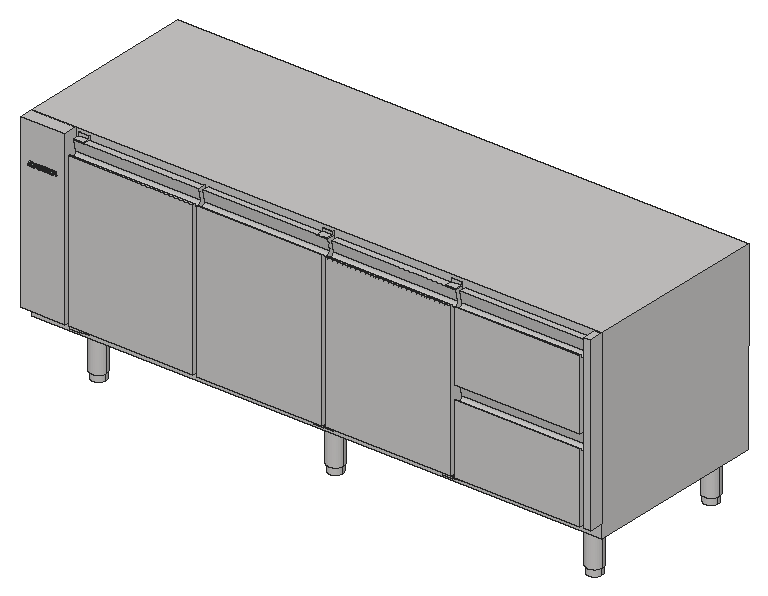
Revit family "QF_ALPENINOX_713337_AC6R4RL", category Attrezzature speciali, Revit 2018
Family settings
  Quota connettore circolare = Usa diametro
  Tipo di parte = Normale
  Basato su piano di lavoro = No
  Sempre verticale = Sì
  Taglio con vuoti quando caricato = No
  Condiviso = No
  Punto di calcolo locali = No
Parameters (values of type "Standard")
  Weight = 118.00 kg
  Watts = 30 W
  Volts = 220 V
  URL Manufacturer = "http://www.alpeninox.com"
  URL = "http://www.alpeninox.com"
  Steam Supply Size = 0 mm
  Steam Supply Minimum Pressure = 0.0 Pa
  Steam Supply Maximum Pressure = 0.0 Pa
  Steam Consumption per Hour = 0
  Refrigeration Suction Line Size = 9.5 mm
  Refrigeration Liquid Line Size = 8 mm
  Refrigerant Compressor Remote = yes
  Produttore = "Alpeninox"
  Phase = 1
  Modello = "AC6R4RL"
  Length Actual = 2012 mm  # constant formula
  Item Number = "713337"
  Hot Water Size = 0 mm
  Height Actual = 800 mm  # constant formula
  HP = "0 HP"
  Gas Size = 0 mm
  Gas KW = 0
  Gas Input Pressure = 0 W
  Direct Waste Size = 0 mm
  Descrizione = "REFR.COUNTER 590L 3xDOOR 2x1/2DRW NOTOP REM CU_LFT A304"
  Depth Actual = 700 mm  # constant formula
  Cycle = 50 Hz
  Condensate Return Size = 0 mm
  Compressed Air Volume = 0.0 L/s
  Compressed Air Size = 0 mm
  Compressed Air Pressure = 0.0 Pa
  Cold Water Size = 0 mm
  Accessory = yes
Types (2, lengths in mm): name | URL | Refrigeration Suction Line Size | Refrigeration Liquid Line Size | Produttore | Phase | Modello | Descrizione
  (no name) | 0 | 0 | 0 | 0 | 0 | 0 | 0
  Standard | "http://www.alpeninox.com" | 9.5 | 8 | "Alpeninox" | 1 | "AC6R4RL" | "REFR.COUNTER 590L 3xDOOR 2x1/2DRW NOTOP REM CU_LFT A304"
Values of the unnamed type that differ from the named types
  Weight = 0.00 kg
  Watts = 0 W
  Volts = 0 V
  URL Manufacturer = ""
  Item Number = ""
  HP = ""
  Cycle = 0 Hz
Reference planes
  plane 1: z = 0
  plane 2 "Center (Left/Right)": x = -124.5
  plane 3 "Center (Front/Back)": y = 64.5
  plane 4 "FEET": z = 150
  plane 5 "TOP": z = 850
  plane 6 "PLAIN": z = 800
  plane 7 "EI_back": y = 349
  plane 8 "EI_left": x = -1064
  plane 9 "BACK": y = 412
  plane 10 "FRONT": y = -283
  plane 11 "DOOR": y = -233
  plane 12 "LEFT": x = -1130
  plane 13 "RIGHT": x = 881
  plane 14: x = -1105
  plane 15: x = 856
  plane 16 "RO_left": x = -1051
  plane 17 "RI_left": x = -1022
  plane 18 "RO_back": y = 54
  plane 19 "RI_back": y = 54
  plane 20 "DRAINleft": x = -1064
  plane 21 "DRAINback": y = 164
Forms (mm)
  Extrusion 1, solid, material "QF_Finishes_Stainless Steel"
    sketch origin (-1022.223, -1524, 150) x (-1, 0, 0) y (0, -1, 0)
      loop
        circle (41.777, -1873) r 5
    from 0 to -40
  Extrusion 2, solid, material "QF_Finishes_Stainless Steel"
    sketch origin (-1022.223, -1524, 150) x (-1, 0, 0) y (0, -1, 0)
      loop
        line (-1878.223, -1291) -> (-1878.223, -1241) -> (-1903.223, -1241) -> (-1903.223, -1291) -> (-1878.223, -1291)
    from 48 to 650
  Extrusion 3, solid, material "QF_Finishes_Stainless Steel"
    sketch origin (-1022.223, -1524, 150) x (-1, 0, 0) y (0, -1, 0)
      loop
        circle (28.777, -1578) r 4.25
    from 0 to -20
  Extrusion 4, solid, material "QF_Finishes_Stainless Steel"
    sketch origin (-1022.223, -1524, 150) x (-1, 0, 0) y (0, -1, 0)
      loop
        circle (-0.223, -1578) r 4
    from 0 to -20
  Extrusion 5, solid, material "QF_Finishes_Stainless Steel"
    sketch origin (-1022.223, -1524, 150) x (-1, 0, 0) y (0, -1, 0)
      loop
        circle (41.777, -1688) r 8.5
    from 0 to -40
  Extrusion 6, solid, material "QF_Finishes_Stainless Steel"
    sketch origin (-1022.223, -1524, 150) x (-1, 0, 0) y (0, -1, 0)
      loop
        line (107.777, -1936) -> (107.777, -1291) -> (-1903.223, -1291) -> (-1903.223, -1936) -> (107.777, -1936)
    from 0 to 650
Lines and regions (mm)
  symbolic lines, style "SpecialityEquipmentHiddenLines"
    curve 1: line (-1130, 412, 150) -> (881, 412, 150)
    curve 2: line (-1130, -283, 150) -> (-1130, 412, 150)
    curve 3: line (881, -283, 150) -> (-1130, -283, 150)
    curve 4: line (881, 412, 150) -> (881, -283, 150)
    curve 5: line (-1130, -233, 150) -> (881, -233, 150)
    curve 6: line (856, -233, 150) -> (856, -283, 150)
Dimensions and locks
  plane 4 "FEET" to level = 150 mm
  plane 11 "DOOR" to plane 10 "FRONT" = 50 mm
  plane 6 "PLAIN" to plane 4 "FEET" = 650 mm
  plane 5 "TOP" to plane 6 "PLAIN" = 50 mm
  plane 12 "LEFT" to plane 14 = 25 mm
  plane 15 to plane 13 "RIGHT" = 25 mm
  plane 9 "BACK" to plane 18 "RO_back" = 358 mm
  plane 9 "BACK" to plane 7 "EI_back" = 63 mm
  plane 9 "BACK" to plane 19 "RI_back" = 358 mm
  plane 9 "BACK" to plane 21 "DRAINback" = 248 mm
  plane 12 "LEFT" to plane 20 "DRAINleft" = 66 mm
  plane 12 "LEFT" to plane 8 "EI_left" = 66 mm
  plane 12 "LEFT" to plane 17 "RI_left" = 108 mm
  plane 12 "LEFT" to plane 16 "RO_left" = 79 mm
  plane 9 "BACK" to plane 10 "FRONT" = 695 mm
  equal spacing: plane 9 "BACK", plane 3 "Center (Front/Back)", plane 10 "FRONT"
  plane 12 "LEFT" to plane 13 "RIGHT" = 2011 mm
  equal spacing: plane 12 "LEFT", plane 2 "Center (Left/Right)", plane 13 "RIGHT"
  aligned and locked: level to plane 1
Automatic sketch dimensions
  Extrusion 1 sketch curve to plane 7 "EI_back" = 0 mm
  Extrusion 1 sketch curve to plane 8 "EI_left" = 0 mm
  Extrusion 2 sketch curve to plane 11 "DOOR" = 0 mm
  Extrusion 2 sketch curve to plane 13 "RIGHT" = 0 mm
  Extrusion 2 sketch curve to plane 10 "FRONT" = 0 mm
  Extrusion 2 sketch curve to plane 15 = 0 mm
  Extrusion 3 sketch curve to plane 16 "RO_left" = 0 mm
  Extrusion 3 sketch curve to plane 18 "RO_back" = 0 mm
  Extrusion 4 sketch curve to plane 17 "RI_left" = 0 mm
  Extrusion 4 sketch curve to plane 19 "RI_back" = 0 mm
  Extrusion 5 sketch curve to plane 20 "DRAINleft" = 0 mm
  Extrusion 5 sketch curve to plane 21 "DRAINback" = 0 mm
  Extrusion 6 sketch curve to plane 9 "BACK" = 0 mm
  Extrusion 6 sketch curve to plane 13 "RIGHT" = 0 mm
  Extrusion 6 sketch curve to plane 11 "DOOR" = 0 mm
  Extrusion 6 sketch curve to plane 12 "LEFT" = 0 mm
  curve 1 to plane 13 "RIGHT" = 0 mm
  curve 6 to plane 15 = 0 mm
  curve 5 to plane 11 "DOOR" = 0 mm
  curve 5 to plane 12 "LEFT" = 0 mm
  curve 6 to plane 10 "FRONT" = 0 mm
  curve 1 to plane 9 "BACK" = 0 mm
  radius of Extrusion 1 sketch curve = 5 mm
  radius of Extrusion 3 sketch curve = 4.25 mm
  radius of Extrusion 4 sketch curve = 4 mm
  radius of Extrusion 5 sketch curve = 8.5 mm
Nested families
  nested 1: "HP_Refrigerator" at (881, -283, 0), type "HP_Refrigerator"
  nested 2: "HP_FEET" at (-934, 331, 0), type "HP_FEET"
  nested 3: "HP_FEET" at (815, 331, 0), type "HP_FEET"
  nested 4: "HP_FEET" at (-934, -183, 0), type "HP_FEET"
  nested 5: "HP_FEET" at (815, -183, 0), type "HP_FEET"
  nested 6: "HP_FEET" at (-99, -183, 0), type "HP_FEET"
  nested 7: "HP_APX_REM_TN_L" at (-973.08, -233, 548) x (1, 0, 0) z (0, -1, 0), type "HP_APX_REM_TN_L"
    with Show Logo yes
  nested 8: "HP_APX_SD_L" at (-740, -233, 458.88) x (1, 0, 0) z (0, -1, 0), type "HP_APX_SD_L"
    with Show Clearance yes
  nested 9: "HP_APX_SD_R" at (-286, -233, 458.88) x (1, 0, 0) z (0, -1, 0), type "HP_APX_SD_R"
    with Show Clearance yes
  nested 10: "HP_APX_SD_R" at (168, -233, 458.88) x (1, 0, 0) z (0, -1, 0), type "HP_APX_SD_R"
    with Show Clearance yes
  nested 11: "HP_APX_HALF" at (622, -233, 458.08) x (1, 0, 0) z (0, -1, 0), type "HP_APX_HALF"
    with Show Clearance yes
Connectors
  electrical at (-1064, 349, 110), driven by "Volts"
    settings: on Extrusion 1, index 1, voltage 220 V, apparent load 0 VA, apparent load phase1 0 VA, apparent load phase2 0 VA, apparent load phase3 0 VA, power factor 1, load classification "Other", number of poles 1, system type 31, power factor state 1, is connector primary yes, connector utility no, sub classification motor no, connector description "Electrical Connection"
  piping at (-1051, 54, 130), diameter 9.5, driven by "Refrigeration Suction Line Size"
    settings: on Extrusion 3, index 3, connector inside diameter 609.6 mm, connector length 0 mm, flow factor 0, pipe flow 0.0 L/s, pressure drop 0.0 Pa, fitting loss kfactor 0, connector angle 0.00°, fixture units 0, engagement length 0 mm, angle of deflection 0.00°, flow configuration 1, flow direction 2, fitting loss method 0, system type 8, joint type 0, gender type 0, connector reference index -1, connector utility 0, adjustable connector no, is connector primary yes, connector description "Refrigerant Outlet"
  piping at (-1022, 54, 130), diameter 8, driven by "Refrigeration Liquid Line Size"
    settings: on Extrusion 4, index 4, connector inside diameter 609.6 mm, connector length 0 mm, flow factor 0, pipe flow 0.0 L/s, pressure drop 0.0 Pa, fitting loss kfactor 0, connector angle 0.00°, fixture units 0, engagement length 0 mm, angle of deflection 0.00°, flow configuration 1, flow direction 1, fitting loss method 0, system type 7, joint type 0, gender type 0, connector reference index -1, connector utility 0, adjustable connector no, is connector primary no, connector description "Refrigerant Inlet"
  piping at (-1064, 164, 110), diameter 17
    settings: on Extrusion 5, index 5, connector inside diameter 609.6 mm, connector length 0 mm, flow factor 0, pipe flow 0.0 L/s, pressure drop 0.0 Pa, fitting loss kfactor 0, connector angle 0.00°, fixture units 0, engagement length 0 mm, angle of deflection 0.00°, flow configuration 1, flow direction 2, fitting loss method 0, system type 16, joint type 0, gender type 0, connector reference index -1, connector utility 0, adjustable connector no, is connector primary no, connector description "Drain"
Definition of nested family "HP_FEET"
  Parameters
    FEET = 150 mm
  Reference planes
    plane 1 "Center (Front/Back)": y = 0
    plane 2: z = 0
    plane 3 "Center (Left/Right)": x = 0
    plane 4: z = 150
  Forms (mm)
    Revolve 1, solid
      sketch origin (255.05, 0, 608.09) x (0, 0, 1) y (-1, 0, 0)
        loop
          line (-608.09, 255.05) -> (-608.09, 230.05) -> (-583.09, 230.05) -> (-583.09, 226.05) -> (-458.09, 226.05) -> (-458.09, 255.05) -> (-608.09, 255.05)
        axis (-608.09, 255.05) -> (-458.09, 255.05)
      angle from 0 to 360
  Dimensions and locks
    locked: Revolve 1 sketch curve to Revolve 1 sketch curve at 125
    "FEET": plane 4 to plane 2
    aligned and locked: level to plane 2
    aligned and locked: plane 4 to Revolve 1 sketch curve
    aligned and locked: Revolve 1 sketch curve to level
    aligned and locked: plane 3 "Center (Left/Right)" to Revolve 1 sketch curve
  Automatic sketch dimensions
    Revolve 1 sketch curve to plane 3 "Center (Left/Right)" = 0 mm
    Revolve 1 sketch curve to Revolve 1 sketch curve = 25 mm
    Revolve 1 sketch curve to Revolve 1 sketch curve = 29 mm
    plane 4 to Revolve 1 sketch curve = 50 mm
    Revolve 1 sketch curve to Revolve 1 sketch curve = 20 mm
Definition of nested family "HP_APX_REM_TN_L"
  Parameters
    Show Logo [instance] = yes
    Default Elevation = 1219.2 mm
  Reference planes
    plane 1 "Centro (Fronte/Retro)": y = -49
    plane 2: z = 0
    plane 3 "Centro (Sinistra/Destra)": x = -78.92
  Forms (mm)
    Extrusion 1, solid
      sketch origin (0, 0, 0) x (1, 0, 0) y (0, 1, 0)
        loop
          line (-1219.2, 1219.2) -> (-1219.2, -1219.2) -> (1219.2, -1219.2) -> (1219.2, 1219.2) -> (-1219.2, 1219.2)
      from 0 to -304.8
    Extrusion 2, solid
      sketch origin (0, 0, 0) x (1, 0, 0) y (0, 1, 0)
        loop
          line (-156.92, 252) -> (-156.92, -350) -> (-0.92, -350) -> (-0.92, 252) -> (-156.92, 252)
      from 0 to 50
    Extrusion 3, solid
      sketch origin (43.141, -49.023, 0) x (1, 0, 0) y (0, 1, 0)
        loop
          line (-168.675, 170.349) -> (-172.411, 160.318)
          arc (-172.411, 160.318) -> (-171.624, 158.497) -> (-169.837, 159.36) r 1.374
          line (-169.837, 159.36) -> (-169.268, 161.111) -> (-164.1, 161.111) -> (-163.54, 159.379)
          arc (-163.54, 159.379) -> (-161.802, 158.542) -> (-161.049, 160.318) r 1.333
          line (-161.049, 160.318) -> (-164.694, 170.349)
          arc (-164.694, 170.349) -> (-166.685, 171.876) -> (-168.675, 170.349) r 2.06
        loop
          line (-166.681, 169.055) -> (-168.469, 163.655) -> (-164.935, 163.655) -> (-166.681, 169.055)
        loop
          arc (-159.705, 160.042) -> (-159.262, 158.973) -> (-158.194, 158.531) r 1.512
          line (-158.194, 158.531) -> (-153.608, 158.531)
          arc (-153.608, 158.531) -> (-152.337, 159.802) -> (-153.608, 161.074) r 1.272
          line (-153.608, 161.074) -> (-156.917, 161.074) -> (-156.917, 170.328)
          arc (-156.917, 170.328) -> (-158.311, 171.722) -> (-159.705, 170.328) r 1.394
          line (-159.705, 170.328) -> (-159.705, 160.042)
        loop
          line (-151.076, 170.218) -> (-151.076, 159.859)
          arc (-151.076, 159.859) -> (-149.683, 158.466) -> (-148.29, 159.859) r 1.393
          line (-148.29, 159.859) -> (-148.29, 162.882) -> (-146.225, 162.882)
          arc (-146.225, 162.882) -> (-142.999, 163.859) -> (-141.608, 166.928) r 4.082
          arc (-141.608, 166.928) -> (-142.993, 170.272) -> (-146.336, 171.657) r 4.728
          line (-146.336, 171.657) -> (-149.638, 171.657)
          arc (-149.638, 171.657) -> (-150.655, 171.235) -> (-151.076, 170.218) r 1.439
        loop
          line (-148.29, 165.313) -> (-146.388, 165.313)
          arc (-146.388, 165.313) -> (-144.433, 167.268) -> (-146.388, 169.222) r 1.955
          line (-146.388, 169.222) -> (-148.29, 169.222) -> (-148.29, 165.313)
        loop
          arc (-131.184, 166.332) -> (-132.004, 168.2) -> (-133.767, 169.228) r 3.3
          arc (-133.767, 169.228) -> (-136.353, 168.661) -> (-137.611, 166.332) r 3.176
          line (-137.611, 166.332) -> (-131.184, 166.332)
        loop
          line (-137.538, 163.743) -> (-130.544, 163.743)
          arc (-130.544, 163.743) -> (-129.292, 163.916) -> (-128.301, 164.701) r 2.4
          arc (-128.301, 164.701) -> (-128.155, 165.545) -> (-128.212, 166.399) r 3.635
          arc (-128.212, 166.399) -> (-130.364, 170.162) -> (-134.39, 171.769) r 6.579
          arc (-134.39, 171.769) -> (-138.918, 169.706) -> (-140.661, 165.044) r 6.501
          arc (-140.661, 165.044) -> (-139.276, 160.789) -> (-135.401, 158.549) r 6.252
          arc (-135.401, 158.549) -> (-132.922, 158.526) -> (-130.544, 159.232) r 8.361
          arc (-130.544, 159.232) -> (-129.466, 159.781) -> (-128.641, 160.666) r 3.486
          arc (-128.641, 160.666) -> (-128.419, 161.592) -> (-128.828, 162.451) r 1.425
          arc (-128.828, 162.451) -> (-129.368, 162.762) -> (-129.99, 162.762) r 1.203
          arc (-129.99, 162.762) -> (-130.406, 162.59) -> (-130.764, 162.316) r 1.724
          arc (-130.764, 162.316) -> (-131.666, 161.705) -> (-132.646, 161.229) r 7.6
          arc (-132.646, 161.229) -> (-135.676, 161.35) -> (-137.538, 163.743) r 3.6
        loop
          line (-126.669, 170.328) -> (-126.669, 159.859)
          arc (-126.669, 159.859) -> (-125.273, 158.463) -> (-123.878, 159.859) r 1.396
          line (-123.878, 159.859) -> (-123.878, 166.785) -> (-117.946, 159.029)
          arc (-117.946, 159.029) -> (-116.361, 158.51) -> (-115.379, 159.859) r 1.417
          line (-115.379, 159.859) -> (-115.379, 170.328)
          arc (-115.379, 170.328) -> (-116.774, 171.723) -> (-118.169, 170.328) r 1.395
          line (-118.169, 170.328) -> (-118.169, 163.311) -> (-124.101, 171.157)
          arc (-124.101, 171.157) -> (-125.687, 171.678) -> (-126.669, 170.328) r 1.418
        loop
          arc (-113.636, 159.859) -> (-112.241, 158.464) -> (-110.847, 159.859) r 1.394
          line (-110.847, 159.859) -> (-110.847, 170.328)
          arc (-110.847, 170.328) -> (-112.241, 171.723) -> (-113.636, 170.328) r 1.394
          line (-113.636, 170.328) -> (-113.636, 159.859)
        loop
          line (-109.102, 170.328) -> (-109.102, 159.859)
          arc (-109.102, 159.859) -> (-107.706, 158.463) -> (-106.31, 159.859) r 1.396
          line (-106.31, 159.859) -> (-106.31, 166.785) -> (-100.378, 159.029)
          arc (-100.378, 159.029) -> (-98.793, 158.51) -> (-97.812, 159.859) r 1.417
          line (-97.812, 159.859) -> (-97.812, 170.328)
          arc (-97.812, 170.328) -> (-99.207, 171.723) -> (-100.602, 170.328) r 1.395
          line (-100.602, 170.328) -> (-100.602, 163.311) -> (-106.533, 171.157)
          arc (-106.533, 171.157) -> (-108.119, 171.678) -> (-109.102, 170.328) r 1.418
        loop
          arc (-96.345, 165.093) -> (-95.619, 161.877) -> (-93.467, 159.379) r 6.806
          arc (-93.467, 159.379) -> (-91.792, 158.566) -> (-89.948, 158.31) r 5.956
          arc (-89.948, 158.31) -> (-88.104, 158.566) -> (-86.43, 159.379) r 5.956
          arc (-86.43, 159.379) -> (-84.277, 161.877) -> (-83.551, 165.093) r 6.806
          arc (-83.551, 165.093) -> (-84.277, 168.31) -> (-86.43, 170.808) r 6.806
          arc (-86.43, 170.808) -> (-88.104, 171.621) -> (-89.948, 171.877) r 5.956
          arc (-89.948, 171.877) -> (-91.792, 171.621) -> (-93.467, 170.808) r 5.956
          arc (-93.467, 170.808) -> (-95.619, 168.31) -> (-96.345, 165.093) r 6.806
        loop
          arc (-93.425, 165.093) -> (-93.138, 163.212) -> (-92.081, 161.629) r 4.387
          arc (-92.081, 161.629) -> (-91.087, 161.049) -> (-89.948, 160.881) r 3.035
          arc (-89.948, 160.881) -> (-88.809, 161.049) -> (-87.815, 161.629) r 3.035
          arc (-87.815, 161.629) -> (-86.759, 163.212) -> (-86.472, 165.093) r 4.387
          arc (-86.472, 165.093) -> (-86.759, 166.975) -> (-87.815, 168.558) r 4.387
          arc (-87.815, 168.558) -> (-88.809, 169.138) -> (-89.948, 169.306) r 3.035
          arc (-89.948, 169.306) -> (-91.087, 169.138) -> (-92.081, 168.558) r 3.035
          arc (-92.081, 168.558) -> (-93.138, 166.975) -> (-93.425, 165.093) r 4.387
        loop
          line (-82.843, 169.609) -> (-79.829, 165.552) -> (-83.513, 160.652)
          arc (-83.513, 160.652) -> (-83.216, 158.692) -> (-81.262, 159.029) r 1.388
          line (-81.262, 159.029) -> (-78.213, 163.232) -> (-75.164, 159.029)
          arc (-75.164, 159.029) -> (-73.211, 158.692) -> (-72.913, 160.652) r 1.388
          line (-72.913, 160.652) -> (-76.597, 165.552) -> (-73.584, 169.609)
          arc (-73.584, 169.609) -> (-73.952, 171.597) -> (-75.908, 171.084) r 1.38
          line (-75.908, 171.084) -> (-78.213, 167.841) -> (-80.519, 171.084)
          arc (-80.519, 171.084) -> (-82.474, 171.597) -> (-82.843, 169.609) r 1.38
      from 50 to 51.6
  Lines and regions (mm)
    Split face 1
      outline origin (0, 0, 50) x (1, 0, 0) y (0, 1, 0)
        loop
          line (-0.92, 188) -> (-156.92, 188)
    Split face 2
      outline origin (0, 0, 50) x (1, 0, 0) y (0, 1, 0)
        loop
          line (-156.92, 178) -> (-0.92, 178)
    Split face 3
      outline origin (0, 0, 50) x (1, 0, 0) y (0, 1, 0)
        loop
          line (-0.92, 104) -> (-156.92, 104)
    Split face 4
      outline origin (0, 0, 50) x (1, 0, 0) y (0, 1, 0)
        loop
          line (-0.92, 94) -> (-156.92, 94)
    Split face 5
      outline origin (0, 0, 50) x (1, 0, 0) y (0, 1, 0)
        loop
          line (-108.92, 163.931) -> (-108.92, 134.412) -> (-48.92, 134.412) -> (-48.92, 163.931) -> (-108.92, 163.931)
    Split face 6
      outline origin (0, 0, 50) x (1, 0, 0) y (0, 1, 0)
        loop
          line (-68.92, 160.931) -> (-68.92, 137.412) -> (-51.92, 137.412) -> (-51.92, 160.931) -> (-68.92, 160.931)
    symbolic lines
      curve 1: line (-2, -49, 50) -> (-2, -49, 0)
  Dimensions and locks
    equal spacing: Extrusion 2, plane 3 "Centro (Sinistra/Destra)", Extrusion 2
    equal spacing: Extrusion 2, plane 1 "Centro (Fronte/Retro)", Extrusion 2
    Extrusion 2 to Extrusion 2 = 156 mm
    aligned and locked: plane 2 to Extrusion 1
    aligned and locked: level to Extrusion 1
  Automatic sketch dimensions
    curve 1 to level = 0 mm
    plane 3 "Centro (Sinistra/Destra)" to curve 1 = 76.92 mm
    curve 1 to curve 1 = 50 mm
    Extrusion 1 sketch curve to Extrusion 1 sketch curve = 2438.4 mm  (x2)
    Extrusion 2 sketch curve to plane 3 "Centro (Sinistra/Destra)" = 78 mm
    plane 3 "Centro (Sinistra/Destra)" to Extrusion 2 sketch curve = 78 mm
    plane 1 "Centro (Fronte/Retro)" to Extrusion 2 sketch curve = 301 mm
    Extrusion 2 sketch curve to plane 1 "Centro (Fronte/Retro)" = 301 mm
    Extrusion 3 sketch curve to plane 3 "Centro (Sinistra/Destra)" = 50.35 mm
    Extrusion 3 sketch curve to Extrusion 3 sketch curve = 1.266 mm
    Extrusion 3 sketch curve to Extrusion 3 sketch curve = 1.307 mm
    Extrusion 3 sketch curve to Extrusion 3 sketch curve = 0.57 mm
    Extrusion 3 sketch curve to Extrusion 3 sketch curve = 0.593 mm
    Extrusion 3 sketch curve to Extrusion 3 sketch curve = 0.799 mm
    Extrusion 3 sketch curve to Extrusion 3 sketch curve = 1.99 mm  (x2)
    Extrusion 3 sketch curve to Extrusion 3 sketch curve = 0.003 mm
    Extrusion 3 sketch curve to Extrusion 3 sketch curve = 3.534 mm
    Extrusion 3 sketch curve to Extrusion 3 sketch curve = 0.835 mm
    Extrusion 3 sketch curve to Extrusion 3 sketch curve = 0.56 mm
    Extrusion 3 sketch curve to Extrusion 3 sketch curve = 1.268 mm
    Extrusion 3 sketch curve to Extrusion 3 sketch curve = 1.223 mm
    Extrusion 3 sketch curve to Extrusion 3 sketch curve = 1.344 mm
    Extrusion 3 sketch curve to Extrusion 3 sketch curve = 1.394 mm  (x2)
    Extrusion 3 sketch curve to Extrusion 3 sketch curve = 1.512 mm
    Extrusion 3 sketch curve to Extrusion 3 sketch curve = 3.309 mm
    Extrusion 3 sketch curve to Extrusion 3 sketch curve = 5.841 mm
    Extrusion 3 sketch curve to Extrusion 3 sketch curve = 1.393 mm
    Extrusion 3 sketch curve to Extrusion 3 sketch curve = 1.439 mm
    Extrusion 3 sketch curve to Extrusion 3 sketch curve = 0 mm  (x19)
    Extrusion 3 sketch curve to Extrusion 3 sketch curve = 1.902 mm
    Extrusion 3 sketch curve to Extrusion 3 sketch curve = 0.052 mm
    Extrusion 3 sketch curve to Extrusion 3 sketch curve = 2.065 mm
    Extrusion 3 sketch curve to Extrusion 3 sketch curve = 0.647 mm
    Extrusion 3 sketch curve to Extrusion 3 sketch curve = 8.079 mm
    Extrusion 3 sketch curve to Extrusion 3 sketch curve = 0.073 mm
    Extrusion 3 sketch curve to Extrusion 3 sketch curve = 2.145 mm
    Extrusion 3 sketch curve to Extrusion 3 sketch curve = 2.931 mm
    Extrusion 3 sketch curve to Extrusion 3 sketch curve = 0.213 mm
    Extrusion 3 sketch curve to Extrusion 3 sketch curve = 0.026 mm
    Extrusion 3 sketch curve to Extrusion 3 sketch curve = 0.263 mm
    Extrusion 3 sketch curve to Extrusion 3 sketch curve = 0.516 mm
    Extrusion 3 sketch curve to Extrusion 3 sketch curve = 0.356 mm
    Extrusion 3 sketch curve to Extrusion 3 sketch curve = 0.387 mm
    Extrusion 3 sketch curve to Extrusion 3 sketch curve = 2.378 mm
    Extrusion 3 sketch curve to Extrusion 3 sketch curve = 2.466 mm
    Extrusion 3 sketch curve to Extrusion 3 sketch curve = 0.602 mm
    Extrusion 3 sketch curve to Extrusion 3 sketch curve = 1.02 mm
    Extrusion 3 sketch curve to Extrusion 3 sketch curve = 0.949 mm
    Extrusion 3 sketch curve to Extrusion 3 sketch curve = 1.728 mm
    Extrusion 3 sketch curve to Extrusion 3 sketch curve = 0.157 mm  (x2)
    Extrusion 3 sketch curve to Extrusion 3 sketch curve = 0.292 mm
    Extrusion 3 sketch curve to plane 3 "Centro (Sinistra/Destra)" = 4.608 mm
    Extrusion 3 sketch curve to Extrusion 3 sketch curve = 1.396 mm  (x2)
    Extrusion 3 sketch curve to Extrusion 3 sketch curve = 1.418 mm  (x2)
    Extrusion 3 sketch curve to Extrusion 3 sketch curve = 1.151 mm  (x2)
    plane 3 "Centro (Sinistra/Destra)" to Extrusion 3 sketch curve = 3.891 mm
    plane 3 "Centro (Sinistra/Destra)" to Extrusion 3 sketch curve = 4.115 mm
    Extrusion 3 sketch curve to Extrusion 3 sketch curve = 1.149 mm  (x2)
    Extrusion 3 sketch curve to Extrusion 3 sketch curve = 1.395 mm  (x2)
    Extrusion 3 sketch curve to Extrusion 3 sketch curve = 1.744 mm
    Extrusion 3 sketch curve to Extrusion 3 sketch curve = 1.745 mm
    Extrusion 3 sketch curve to Extrusion 3 sketch curve = 5.709 mm
    Extrusion 3 sketch curve to Extrusion 3 sketch curve = 0.224 mm
    Extrusion 3 sketch curve to Extrusion 3 sketch curve = 6.963 mm
    Extrusion 3 sketch curve to Extrusion 3 sketch curve = 0.493 mm  (x3)
    Extrusion 3 sketch curve to Extrusion 3 sketch curve = 0.273 mm  (x2)
    Extrusion 3 sketch curve to Extrusion 3 sketch curve = 0.021 mm  (x2)
    Extrusion 3 sketch curve to Extrusion 3 sketch curve = 0.226 mm  (x2)
    Extrusion 3 sketch curve to Extrusion 3 sketch curve = 0.268 mm  (x2)
    Extrusion 3 sketch curve to Extrusion 3 sketch curve = 0.294 mm
    Extrusion 3 sketch curve to Extrusion 3 sketch curve = 5.534 mm
    Extrusion 3 sketch curve to Extrusion 3 sketch curve = 6.205 mm
    Extrusion 3 sketch curve to Extrusion 3 sketch curve = 1.109 mm  (x2)
    Extrusion 3 sketch curve to Extrusion 3 sketch curve = 1.108 mm  (x2)
    Extrusion 3 sketch curve to Extrusion 3 sketch curve = 1.142 mm  (x2)
    Extrusion 3 sketch curve to Extrusion 3 sketch curve = 1.216 mm  (x2)
    Extrusion 3 sketch curve to Extrusion 3 sketch curve = 3.013 mm
    Extrusion 3 sketch curve to Extrusion 3 sketch curve = 1.616 mm  (x3)
    Extrusion 3 sketch curve to Extrusion 3 sketch curve = 2.305 mm
    Extrusion 3 sketch curve to Extrusion 3 sketch curve = 3.049 mm
    Extrusion 3 sketch curve to plane 1 "Centro (Fronte/Retro)" = 158.508 mm
    Extrusion 3 sketch curve to Extrusion 3 sketch curve = 0.498 mm
    Extrusion 3 sketch curve to Extrusion 3 sketch curve = 0.682 mm
    Extrusion 3 sketch curve to Extrusion 3 sketch curve = 0.664 mm
    Extrusion 3 sketch curve to Extrusion 3 sketch curve = 0.425 mm
    Extrusion 3 sketch curve to Extrusion 3 sketch curve = 0.41 mm
    Extrusion 3 sketch curve to Extrusion 3 sketch curve = 1.272 mm
    Extrusion 3 sketch curve to Extrusion 3 sketch curve = 0.789 mm  (x2)
    Extrusion 3 sketch curve to Extrusion 3 sketch curve = 0.056 mm
    Extrusion 3 sketch curve to Extrusion 3 sketch curve = 0.83 mm
    Extrusion 3 sketch curve to Extrusion 3 sketch curve = 1.238 mm
    Extrusion 3 sketch curve to Extrusion 3 sketch curve = 1.732 mm
    Extrusion 3 sketch curve to Extrusion 3 sketch curve = 0.346 mm
    Extrusion 3 sketch curve to Extrusion 3 sketch curve = 1.123 mm
    Extrusion 3 sketch curve to Extrusion 3 sketch curve = 3.023 mm
    Extrusion 3 sketch curve to Extrusion 3 sketch curve = 4.203 mm
    Extrusion 3 sketch curve to Extrusion 3 sketch curve = 3.452 mm  (x2)
    Extrusion 3 sketch curve to Extrusion 3 sketch curve = 2.544 mm
    Extrusion 3 sketch curve to Extrusion 3 sketch curve = 1.177 mm
    Extrusion 3 sketch curve to Extrusion 3 sketch curve = 3.261 mm
    Extrusion 3 sketch curve to Extrusion 3 sketch curve = 0.352 mm  (x2)
    Extrusion 3 sketch curve to Extrusion 3 sketch curve = 1.987 mm
    Extrusion 3 sketch curve to Extrusion 3 sketch curve = 0.171 mm
    Extrusion 3 sketch curve to Extrusion 3 sketch curve = 0.533 mm  (x3)
    Extrusion 3 sketch curve to Extrusion 3 sketch curve = 0.14 mm  (x4)
    Extrusion 3 sketch curve to Extrusion 3 sketch curve = 0.473 mm
    Extrusion 3 sketch curve to Extrusion 3 sketch curve = 0.31 mm  (x2)
    Extrusion 3 sketch curve to Extrusion 3 sketch curve = 0.075 mm
    Extrusion 3 sketch curve to Extrusion 3 sketch curve = 2.431 mm
    Extrusion 3 sketch curve to Extrusion 3 sketch curve = 2.32 mm  (x2)
    Extrusion 3 sketch curve to Extrusion 3 sketch curve = 1.992 mm
    Extrusion 3 sketch curve to Extrusion 3 sketch curve = 0.674 mm
    Extrusion 3 sketch curve to Extrusion 3 sketch curve = 0.732 mm
    Extrusion 3 sketch curve to Extrusion 3 sketch curve = 0.388 mm
    Extrusion 3 sketch curve to Extrusion 3 sketch curve = 0.121 mm
    Extrusion 3 sketch curve to Extrusion 3 sketch curve = 2.589 mm
    Extrusion 3 sketch curve to Extrusion 3 sketch curve = 0.662 mm
    Extrusion 3 sketch curve to Extrusion 3 sketch curve = 3.473 mm
    Extrusion 3 sketch curve to Extrusion 3 sketch curve = 0.681 mm
    Extrusion 3 sketch curve to Extrusion 3 sketch curve = 1.615 mm
    Extrusion 3 sketch curve to Extrusion 3 sketch curve = 0.34 mm
    Extrusion 3 sketch curve to Extrusion 3 sketch curve = 2.288 mm
    Extrusion 3 sketch curve to Extrusion 3 sketch curve = 0.942 mm
    Extrusion 3 sketch curve to Extrusion 3 sketch curve = 5.4 mm
    Extrusion 3 sketch curve to Extrusion 3 sketch curve = 1.768 mm  (x2)
    Extrusion 3 sketch curve to Extrusion 3 sketch curve = 0.761 mm
    Extrusion 3 sketch curve to Extrusion 3 sketch curve = 0.996 mm
    Extrusion 3 sketch curve to Extrusion 3 sketch curve = 3.543 mm  (x2)
    Extrusion 3 sketch curve to Extrusion 3 sketch curve = 7.017 mm
    Extrusion 3 sketch curve to Extrusion 3 sketch curve = 0.11 mm
    Extrusion 3 sketch curve to Extrusion 3 sketch curve = 0.823 mm  (x2)
    Extrusion 3 sketch curve to Extrusion 3 sketch curve = 0.947 mm
    Extrusion 3 sketch curve to Extrusion 3 sketch curve = 3.837 mm
    Extrusion 3 sketch curve to Extrusion 3 sketch curve = 0.623 mm
    Extrusion 3 sketch curve to Extrusion 3 sketch curve = 1.082 mm
    Extrusion 3 sketch curve to Extrusion 3 sketch curve = 0.801 mm
    Extrusion 3 sketch curve to Extrusion 3 sketch curve = 1 mm
    Extrusion 3 sketch curve to Extrusion 3 sketch curve = 0.089 mm
    Extrusion 3 sketch curve to Extrusion 3 sketch curve = 4.257 mm
    Extrusion 3 sketch curve to Extrusion 3 sketch curve = 4.345 mm  (x2)
    Extrusion 3 sketch curve to Extrusion 3 sketch curve = 2.576 mm
    Extrusion 3 sketch curve to Extrusion 3 sketch curve = 1.385 mm  (x4)
    Extrusion 3 sketch curve to Extrusion 3 sketch curve = 2.133 mm  (x4)
    Extrusion 3 sketch curve to Extrusion 3 sketch curve = 3.518 mm
    Extrusion 3 sketch curve to Extrusion 3 sketch curve = 5.603 mm
    Extrusion 3 sketch curve to Extrusion 3 sketch curve = 2.571 mm
    Split face 1 sketch curve to Extrusion 2 = 0 mm  (x2)
    Split face 1 sketch curve to Extrusion 2 = 64 mm
    Split face 2 sketch curve to Extrusion 2 = 0 mm
    Split face 2 sketch curve to Extrusion 2 = 74 mm
    Extrusion 2 to Split face 2 sketch curve = 0 mm
    Split face 3 sketch curve to Extrusion 2 = 0 mm  (x2)
    Split face 3 sketch curve to Extrusion 2 = 148 mm
    Split face 4 sketch curve to Extrusion 2 = 0 mm  (x2)
    Split face 4 sketch curve to Extrusion 2 = 158 mm
    Split face 5 sketch curve to Extrusion 2 = 48 mm  (x2)
    Split face 5 sketch curve to Extrusion 2 = 117.588 mm
    Split face 5 sketch curve to Split face 5 sketch curve = 29.518 mm
    Split face 6 sketch curve to Extrusion 2 = 68 mm
    Split face 6 sketch curve to Split face 6 sketch curve = 17 mm
    Split face 6 sketch curve to Extrusion 2 = 114.588 mm
    Split face 6 sketch curve to Split face 6 sketch curve = 23.518 mm
Definition of nested family "HP_APX_SD_L"
  Parameters
    Show Clearance [instance] = yes
    Default Elevation = 1219.2 mm
  Reference planes
    plane 1 "Center (Front/Back)": y = 28.12
    plane 2: z = 0
    plane 3 "Center (Left/Right)": x = 0
    plane 4: x = -234
    plane 5: x = 234
  Forms (mm)
    Extrusion 1, solid
      sketch origin (0, 0, 0) x (1, 0, 0) y (0, 1, 0)
        loop
          line (-1219.2, 1219.2) -> (-1219.2, -1219.2) -> (1219.2, -1219.2) -> (1219.2, 1219.2) -> (-1219.2, 1219.2)
      from 0 to -304.8
    Extrusion 2, solid
      sketch origin (0, 53.12, -3) x (0, 1, 0) y (0, 0, 1)
        loop
          line (-314, 53) -> (-314, 3) -> (264, 3) -> (264, 29) -> (224.395, 20)
          arc (224.395, 20) -> (210.396, 33.803) -> (224, 47.994) r 14
          line (224, 47.994) -> (224, 53) -> (-314, 53)
      from -220 to 220
    Extrusion 3, solid
      sketch origin (0, 53.12, 0) x (0, 1, 0) y (0, 0, -1)
        loop
          line (-323.003, -40.312) -> (-323.003, -12.259) -> (-323.003, 0) -> (-351.511, 0) -> (-351.511, -2.5) -> (-325.503, -2.5) -> (-325.503, -42.812) -> (-316.501, -42.812) -> (-316.501, -40.312) -> (-323.003, -40.312)
        loop
          line (-314, -38.311) -> (-314, -11.804) -> (-319.752, -11.804) -> (-319.752, -14.304) -> (-316.501, -14.304) -> (-316.501, -38.311) -> (-314, -38.311)
        loop
          line (265.003, -27.948) -> (267.503, -27.948) -> (267.503, -2.5) -> (277.503, -2.5) -> (277.503, 0) -> (265.003, 0) -> (265.003, -2.948) -> (265.003, -27.948)
      from 185 to 220
    Extrusion 4, solid, visible <- "Show Clearance", detail levels coarse
      sketch origin (0, 28.12, -3) x (-1, 0, 0) y (0, 0, -1)
        loop
          line (220, -53) -> (-220, -53)
          arc (-220, -53) -> (-79.636, -340.04) -> (220, -451) r 430
          line (220, -451) -> (220, -53)
      from -289 to 289
  Lines and regions (mm)
    symbolic lines
      curve 1: arc (219.599, 0, 55) -> (95.934, 0, 321.503) -> (-170, 0, 446.39) r 430
      curve 2: line (-220, 0, 55) -> (-220, 0, 448)
      curve 3: line (-170, 0, 55) -> (-170, 0, 448)
      curve 4: line (-220, 0, 448) -> (-170, 0, 448)
  Dimensions and locks
    plane 4 to plane 3 "Center (Left/Right)" to plane 5 = 234 mm locked, 234 mm locked
    aligned and locked: plane 2 to Extrusion 1
    aligned and locked: level to Extrusion 1
Definition of nested family "HP_APX_SD_R"
  Parameters
    Show Clearance [instance] = yes
    Default Elevation = 1219.2 mm
  Reference planes
    plane 1 "Center (Front/Back)": y = 28.12
    plane 2: z = 0
    plane 3 "Center (Left/Right)": x = 0
    plane 4: x = -234
    plane 5: x = 234
  Forms (mm)
    Extrusion 1, solid
      sketch origin (0, 0, 0) x (1, 0, 0) y (0, 1, 0)
        loop
          line (-1219.2, 1219.2) -> (-1219.2, -1219.2) -> (1219.2, -1219.2) -> (1219.2, 1219.2) -> (-1219.2, 1219.2)
      from 0 to -304.8
    Extrusion 2, solid
      sketch origin (0, 53.12, -3) x (0, 1, 0) y (0, 0, 1)
        loop
          line (-314, 53) -> (-314, 3) -> (264, 3) -> (264, 29) -> (224.395, 20)
          arc (224.395, 20) -> (210.396, 33.803) -> (224, 47.994) r 14
          line (224, 47.994) -> (224, 53) -> (-314, 53)
      from -220 to 220
    Extrusion 3, solid, visible <- "Show Clearance", detail levels coarse
      sketch origin (0, 28.12, -3) x (-1, 0, 0) y (0, 0, -1)
        loop
          line (220, -53) -> (-220, -53) -> (-220, -451)
          arc (-220, -451) -> (79.636, -340.04) -> (220, -53) r 430
      from -289 to 289
    Extrusion 4, solid
      sketch origin (0, 53.12, 0) x (0, 1, 0) y (0, 0, 1)
        loop
          line (-323.003, 40.312) -> (-316.501, 40.312) -> (-316.501, 42.812) -> (-325.503, 42.812) -> (-325.503, 2.5) -> (-351.511, 2.5) -> (-351.511, 0) -> (-323.003, 0) -> (-323.003, 12.259) -> (-323.003, 40.312)
        loop
          line (-314, 38.311) -> (-316.501, 38.311) -> (-316.501, 14.304) -> (-319.752, 14.304) -> (-319.752, 11.804) -> (-314, 11.804) -> (-314, 38.311)
        loop
          line (265.003, 27.948) -> (265.003, 2.948) -> (265.003, 0) -> (277.503, 0) -> (277.503, 2.5) -> (267.503, 2.5) -> (267.503, 27.948) -> (265.003, 27.948)
      from 185 to 220
  Lines and regions (mm)
    symbolic lines
      curve 1: arc (-219.599, 0, 54.79) -> (-95.934, 0, 321.293) -> (170, 0, 446.179) r 430
      curve 2: line (220, 0, 54.79) -> (220, 0, 447.79)
      curve 3: line (170, 0, 54.79) -> (170, 0, 447.79)
      curve 4: line (220, 0, 447.79) -> (170, 0, 447.79)
  Dimensions and locks
    plane 4 to plane 3 "Center (Left/Right)" to plane 5 = 234 mm locked, 234 mm locked
    aligned and locked: plane 2 to Extrusion 1
    aligned and locked: level to Extrusion 1
Definition of nested family "HP_APX_HALF"
  Parameters
    Show Clearance [instance] = yes
    Default Elevation = 1219.2 mm
  Reference planes
    plane 1 "Center (Front/Back)": y = 28.92
    plane 2: z = 0
    plane 3 "Center (Left/Right)": x = 0
    plane 4: x = -234
    plane 5: x = 234
    plane 6: z = 618
  Forms (mm)
    Extrusion 1, solid
      sketch origin (0, 0, 0) x (1, 0, 0) y (0, 1, 0)
        loop
          line (-1219.2, 1219.2) -> (-1219.2, -1219.2) -> (1219.2, -1219.2) -> (1219.2, 1219.2) -> (-1219.2, 1219.2)
      from 0 to -304.8
    Extrusion 2, solid
      sketch origin (0, 0, 0) x (0, 1, 0) y (0, 0, 1)
        loop
          line (317.92, 0) -> (317.92, 26) -> (278.314, 17)
          arc (278.314, 17) -> (264.314, 31) -> (278.314, 45) r 14
          line (278.314, 45) -> (278.314, 50) -> (33.92, 50) -> (33.92, 0) -> (317.92, 0)
        loop
          line (23.92, 0) -> (23.92, 26) -> (-15.686, 17)
          arc (-15.686, 17) -> (-29.686, 31) -> (-15.686, 45) r 14
          line (-15.686, 45) -> (-15.686, 50) -> (-260.08, 50) -> (-260.08, 0) -> (23.92, 0)
      from -220 to 220
    Extrusion 3, solid, visible <- "Show Clearance", detail levels coarse
      sketch origin (0, 0, 512) x (0, 1, 0) y (0, 0, 1)
        loop
          line (-260.08, 106) -> (-260.08, -462) -> (23.92, -462) -> (23.92, 82) -> (-15.686, 73)
          arc (-15.686, 73) -> (-29.686, 87) -> (-15.686, 101) r 14
          line (-15.686, 101) -> (-15.686, 106) -> (-260.08, 106)
        loop
          line (317.92, -462) -> (317.92, 82) -> (278.314, 73)
          arc (278.314, 73) -> (264.314, 87) -> (278.314, 101) r 14
          line (278.314, 101) -> (278.314, 106) -> (33.92, 106) -> (33.92, -462) -> (317.92, -462)
      from -220 to 220
  Lines and regions (mm)
    symbolic lines
      curve 1: line (220, 0, 140) -> (-220, 0, 140)
      curve 2: line (220, 0, 175) -> (-220, 0, 175)
      curve 3: line (220, 0, 260) -> (-220, 0, 260)
      curve 4: line (220, 0, 295) -> (-220, 0, 295)
      curve 5: line (191.424, 0, 140) -> (191.424, 0, 55)
      curve 6: line (-190, 0, 140) -> (-190, 0, 55)
      curve 7: line (191.424, 0, 260) -> (191.424, 0, 175)
      curve 8: line (-190, 0, 260) -> (-190, 0, 175)
      curve 9: line (220, 0, 260) -> (220, 0, 295)
      curve 10: line (-220, 0, 260) -> (-220, 0, 295)
      curve 11: line (220, 0, 140) -> (220, 0, 175)
      curve 12: line (-220, 0, 140) -> (-220, 0, 175)
  Dimensions and locks
    plane 4 to plane 3 "Center (Left/Right)" to plane 5 = 234 mm locked, 234 mm locked
    plane 6 to level = 618 mm
    aligned and locked: plane 2 to Extrusion 1
    aligned and locked: level to Extrusion 1
Definition of nested family "HP_Refrigerator"
  Reference planes
    plane 1 "Center (Front/Back)": y = 0
    plane 2: z = 0
    plane 3 "Center (Left/Right)": x = 0
  Lines and regions (mm)
    detail lines, in view "Ref. Level"
      curve 1: spline (-500, 190, 0) -> (-493.185, 166.706, 0) -> (-473.205, 145, 0) -> (-441.421, 126.36, 0) -> (-400, 112.058, 0) -> (-351.764, 103.067, 0) -> (-300, 100, 0) -> (-248.236, 103.067, 0) -> (-200, 112.058, 0) -> (-158.579, 126.36, 0) -> (-126.795, 145, 0) -> (-106.815, 166.706, 0) -> (-100, 190, 0) -> (-106.815, 213.294, 0) -> (-126.795, 235, 0) -> (-158.579, 253.64, 0) -> (-200, 267.942, 0) -> (-248.236, 276.933, 0) -> (-300, 280, 0) -> (-351.764, 276.933, 0) -> (-400, 267.942, 0) -> (-441.421, 253.64, 0) -> (-473.205, 235, 0) -> (-493.185, 213.294, 0) -> (-500, 190, 0)
      curve 2: line (-300, 130, 0) -> (-300, 250, 0)
      curve 3: line (-351.962, 220, 0) -> (-248.038, 160, 0)
      curve 4: line (-351.962, 160, 0) -> (-248.038, 220, 0)
      curve 5: line (-280.884, 246.873, 0) -> (-300, 225, 0)
      curve 6: line (-300, 225, 0) -> (-319.116, 246.873, 0)
      curve 7: line (-330.311, 207.5, 0) -> (-339.696, 234.992, 0)
      curve 8: line (-358.812, 201.882, 0) -> (-330.311, 207.5, 0)
      curve 9: line (-330.311, 172.5, 0) -> (-358.812, 178.118, 0)
      curve 10: line (-339.696, 145.008, 0) -> (-330.311, 172.5, 0)
      curve 11: line (-300, 155, 0) -> (-319.116, 133.127, 0)
      curve 12: line (-280.884, 133.127, 0) -> (-300, 155, 0)
      curve 13: line (-269.689, 172.5, 0) -> (-260.304, 145.008, 0)
      curve 14: line (-241.188, 178.118, 0) -> (-269.689, 172.5, 0)
      curve 15: line (-269.689, 207.5, 0) -> (-241.188, 201.882, 0)
      curve 16: line (-260.304, 234.992, 0) -> (-269.689, 207.5, 0)
